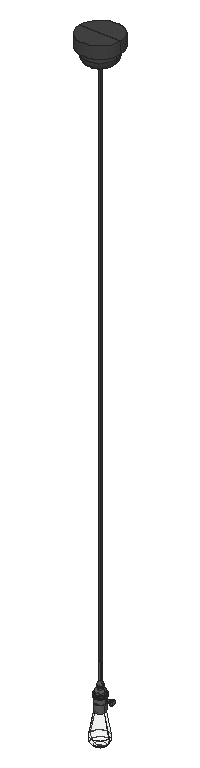
Revit family "SPO-KEY-BP MB", category Lighting Fixtures, Revit 2020
Family settings
  Round Connector Dimension = Use Diameter
  Part Type = Normal
  OmniClass Number = 23.80.70.00
  OmniClass Title = Lighting
  Work Plane-Based = No
  Always vertical = Yes
  Cut with Voids When Loaded = No
  Light Source = Yes
  Shared = No
  Room Calculation Point = No
Parameters (values of type "SPO-KEY-BP")
  Weight = "0.30 lbs"
  Wattage Comments = "60W Max"
  Wattage = 1.6 W
  Warranty = "5 year limited warranty"  # constant formula
  built-in parameter 1150110 = 1 (stored number, unit not read)
  Voltage = 277 V
  URL = "https://www.anplighting.com/assets/Uploads/product-attachments/specification-sheets/ANP-Specification-Sheet-SPO-KEY-BP.pdf"
  built-in parameter 1114217 = 1 (stored number, unit not read)
  Tilt Angle = 90.00°
  built-in parameter 1150109 = 1 (stored number, unit not read)
  built-in parameter 1150134 = 12
  built-in parameter 1150113 = 1 (stored number, unit not read)
  SPO-KEY-BP = yes
  Ring = RING
  Mounting Option [instance] = 1
  Power Factor = 1
  Post Mount [instance] = Mounting Option = 5  # no
  Placement X axis side [instance] = if(Post Mount, 2' 2 15/32", if(Cord or Stem Mount, 0' 0", if(E36 20 inch, 1' 8 1/4", if(E 6 26 inch, 2' 2", if(E7 41 inch, 3' 5 1/4", 0' 1")))))  # 0' - 0"
  Photometric Web File = "generic.ies"
  Model = "SPO-KEY-BP"
  Manufacturer = "ANP Lighting"  # constant formula
  built-in parameter 1150105 = 2000 (stored number, unit not read)
  Lumens = 2000 lm
  built-in parameter 1150115 = 1 (stored number, unit not read)
  Load Classification = Lighting
  Light Source Height [instance] = 0' - 6 205/256"
  built-in parameter 1150137 = (empty or 0)
  built-in parameter 1150139 = (empty or 0)
  Light Elevation _2 [instance] = if(Post Mount, 0' 0.66142", if(E7 41 inch, 0' 0.66142", if(E36 20 inch, 0' 1.65748", if(E 6 26 inch, 0' 1.53543", if(Cord or Stem Mount, (0' 4.3622" + Cord Length), 0' 0")))))  # 6' - 4.3622"
  Light Elevation _1 [instance] = if(Post Mount, 0' 0", if(E7 41 inch, 0' 0", if(E36 20 inch, 0' 1", if(E 6 26 inch, 0' 0.87402", if(Cord or Stem Mount, (0' 3.66142" + Cord Length), 0' 0")))))  # 6' - 3.66142"
  Light Elevation [instance] = if(Post Mount, 14' 0.5315", if(E7 41 inch, 0' 0", 0' 0"))  # 0' - 0"
  built-in parameter 1150112 = 1 (stored number, unit not read)
  built-in parameter 1150114 = 1 (stored number, unit not read)
  Lamp = "MED-BASE"
  built-in parameter 1150132 = 2
  built-in parameter 1150102 = (empty or 0)
  built-in parameter 1150107 = 4000 (stored number, unit not read)
  built-in parameter 1150138 = (empty or 0)
  built-in parameter 1150106 = 20 (stored number, unit not read)
  GLASS = Glass
  Fixture Height = 0' - 3 1/2"
  Fixture Diameter = 0' - 1 1/2"
  built-in parameter 1150104 = 116.13 (stored number, unit not read)
  E7 41 inch [instance] = Mounting Option = 4  # no
  E36 20 inch [instance] = Mounting Option = 3  # no
  E 6 26 inch [instance] = Mounting Option = 2  # no
  Dimming Lamp Color Temperature Shift = <None>
  Description = "120-277 Voltage"  # constant formula
  Default Elevation = 0' - 0"
  Cord or Stem Mount [instance] = Mounting Option = 1  # yes
  Cord Length option [instance] = 0
  Cord Length [instance] = if([2' Cord], 2' 0", if([4' Cord], 4' 0", if([8' Cord], 8' 0", if([10' Cord], 10' 0", if([6' Cord], 6' 0", 6' 0")))))  # 6' - 0"
  Construction Material = "Heavy Duty spun aluminum."  # constant formula
  Color Filter = 16777215
  Body Material = body
  Body Colour = "Spun aluminium"  # constant formula
  built-in parameter 1114218 = 1 (stored number, unit not read)
  built-in parameter 1150133 = 10 (stored number, unit not read)
  Apparent Load = 60 VA
  8' Cord [instance] = Cord Length option = 8  # no
  6' Cord [instance] = Cord Length option = 6  # no
  4' Cord [instance] = Cord Length option = 4  # no
  2' Cord [instance] = Cord Length option = 2  # no
  10' Cord [instance] = Cord Length option = 10  # no
Reference planes (in)
  plane 1 "Light Source Axis (F/B)": y = 0
  plane 2: z = 0
  plane 3 "Light Source Axis (L/R)": x = 0
  plane 4 "Light Source Elevation": z = 0
  plane 5: z = 0
  plane 6: x = 0
  plane 7 "Bulb Position": z = -76.3622
  plane 8 "Canopy Position": z = -75.66142
  plane 9 "IES": z = -83.16299
Dimensions and locks (in)
  "Light Elevation": plane 5 to plane 2
  "Placement X axis side": plane 6 to plane 3 "Light Source Axis (L/R)"
  "Light Elevation _2": plane 5 to plane 7 "Bulb Position"
  "Light Elevation _1": plane 5 to plane 8 "Canopy Position"
  "Light Source Height": plane 7 "Bulb Position" to plane 9 "IES"
  locked: plane 4 "Light Source Elevation" to plane 2
  aligned and locked: level to plane 2
  aligned and locked: plane 1 "Light Source Axis (F/B)" to nested 5
  aligned and locked: nested 5 to plane 2
  aligned and locked: nested 1 to plane 3 "Light Source Axis (L/R)"
  aligned and locked: plane 3 "Light Source Axis (L/R)" to nested 2
  aligned and locked: plane 3 "Light Source Axis (L/R)" to nested 4
  aligned and locked: nested 3 to plane 5
  aligned and locked: plane 3 "Light Source Axis (L/R)" to nested 3
  aligned and locked: plane 3 "Light Source Axis (L/R)" to nested 5
  aligned and locked: plane 1 "Light Source Axis (F/B)" to nested 2
  aligned and locked: plane 1 "Light Source Axis (F/B)" to nested 1
  aligned and locked: plane 1 "Light Source Axis (F/B)" to nested 4
  aligned and locked: plane 1 "Light Source Axis (F/B)" to nested 3
  aligned and locked: plane 2 to nested 1
  aligned and locked: plane 2 to nested 2
  aligned and locked: nested 4 to plane 2
  aligned and locked: imposter light to plane 9 "IES"
  aligned and locked: imposter light to plane 6
  aligned and locked: nested 6 to plane 6
  aligned and locked: nested 6 to plane 8 "Canopy Position"
Nested families (in)
  nested 1: "CORD OR STEM MOUNT" at (0, 0, -75.67), visible <- "Cord or Stem Mount", Cord or Stem Mount <- "Cord or Stem Mount", Body Material <- "Body Material", Light Elevation <- "Light Elevation", Cord Length <- "Cord Length", 10' Cord <- "10' Cord", 2' Cord <- "2' Cord", 4' Cord <- "4' Cord", 6' Cord <- "6' Cord", 8' Cord <- "8' Cord", type "CORD OR STEM MOUNT"
    with Light Elevation 0' - 0", Cord or Stem Mount yes, Cord Length 6' - 0", Body Material body, 8' Cord no, 6' Cord no, 4' Cord no, 2' Cord no, 10' Cord no
  nested 2: "E6 26 INCH" at (0, 0, 0), visible <- "E 6 26 inch", Chain Length <- "Cord Length", E 6 26 inch <- "E 6 26 inch", Placement X axis side <- "Placement X axis side", Body Material <- "Body Material", Light Elevation <- "Light Elevation", type "E6 26 INCH"
    with Placement X axis side 0' - 0", Light Elevation 0' - 0", E 6 26 inch no, Chain Length 6' - 0", Body Material body
  nested 3: "E7 41 INCH" at (0, 0, 0), Chain Length <- "Cord Length", visible <- "E7 41 inch", E7 41 inch <- "E7 41 inch", Placement X axis side <- "Placement X axis side", Body Material <- "Body Material", Light Elevation <- "Light Elevation", type "E7 41 INCH"
    with Placement X axis side 0' - 0", Light Elevation 0' - 0", E7 41 inch no, Chain Length 6' - 0", Body Material body
  nested 4: "E36 20 INCH" at (0, 0, 0), visible <- "E36 20 inch", E36 20 inch <- "E36 20 inch", Placement X axis side <- "Placement X axis side", Chain Length <- "Cord Length", Body Material <- "Body Material", Light Elevation <- "Light Elevation", type "E36 20 INCH"
    with Placement X axis side 0' - 0", Light Elevation 0' - 0", E36 20 inch no, Chain Length 6' - 0", Body Material body
  nested 5: "POST MOUNT" at (0, 0, 0), visible <- "Post Mount", Post Mount <- "Post Mount", Placement X axis side <- "Placement X axis side", Chain Length <- "Cord Length", Body Material <- "Body Material", Light Elevation <- "Light Elevation", type "POST MOUNT"
    with Post Mount no, Placement X axis side 0' - 0", Light Elevation 0' - 0", Chain Length 6' - 0", Body Material body
  nested 6: "SPO-KEY-AB" at (0, 0, -75.66142), Light Elevation <- "Light Elevation", Body <- "Ring", SPO-KEY-AB <- "SPO-KEY-BP", visible <- "SPO-KEY-BP", type "SPO-KEY-AB"
    with Light Elevation 0' - 0", Body RING
Definition of nested family "CORD OR STEM MOUNT"
  Parameters (values of type "CORD OR STEM MOUNT")
    URL = ""
    Model = ""
    Manufacturer = ""
    Light Elevation [instance] = 1' - 7.69"
    Default Elevation = 0' - 0"
    Cord or Stem Mount [instance] = yes
    Cord Length [instance] = 6' - 0"
    Body Material [instance] = none
    8' Cord [instance] = no
    6' Cord [instance] = no
    4' Cord [instance] = no
    2' Cord [instance] = no
    10' Cord [instance] = no
  Reference planes (in)
    plane 1 "Light Source Axis (F/B)": y = 0
    plane 2: z = 0
    plane 3 "Light Source Axis (L/R)": x = 0
    plane 4 "Light Source Elevation": z = 23.125
    plane 5: z = 91.69
    plane 6: z = 19.69
  Forms (in)
    Extrusion 1, void, not visible
      sketch origin (0, 0, 2.38154) x (1, 0, 0) y (0, 0, 1)
        loop
          circle (0, 4.59925) r 0.16583
      from 1.18594 to 1.75
    Extrusion 2, void, not visible
      sketch origin (0, 0, 2.38154) x (0.707107, -0.707107, 0) y (0, 0, 1)
        loop
          circle (0, 4.59925) r 0.16583
      from 1.18594 to 1.75
    Extrusion 3, void, not visible
      sketch origin (0, 0, 2.38154) x (0.707107, 0.707107, 0) y (0, 0, 1)
        loop
          circle (0, 4.59925) r 0.16583
      from 1.18594 to 1.75
    Extrusion 4, void, not visible
      sketch origin (0, 0, 2.38154) x (0, 1, 0) y (0, 0, 1)
        loop
          circle (0, 4.59925) r 0.16583
      from 1.18594 to 1.75
    Extrusion 5, void, not visible
      sketch origin (0, 0, 2.38154) x (-0.707107, 0.707107, 0) y (0, 0, 1)
        loop
          circle (0, 4.59925) r 0.16583
      from 1.18594 to 1.75
    Extrusion 6, void, not visible
      sketch origin (0, 0, 2.38154) x (-1, 0, 0) y (0, 0, 1)
        loop
          circle (0, 4.59925) r 0.20678
      from 1.18594 to 1.75
    Extrusion 7, void, not visible
      sketch origin (0, 0, 2.38154) x (-0.707107, -0.707107, 0) y (0, 0, 1)
        loop
          circle (0, 4.59925) r 0.16583
      from 1.18594 to 1.75
    Extrusion 8, void, not visible
      sketch origin (0, 0, 2.38154) x (0, -1, 0) y (0, 0, 1)
        loop
          circle (0, 4.59925) r 0.16583
      from 1.18594 to 1.75
    Revolve 9, solid, material <- "Body Material", visible <- "Cord or Stem Mount"
      sketch origin (0, 0, 174.56698) x (1, 0, 0) y (0, 0, 1)
        loop
          line (2.6875, -79.20698) -> (0, -79.20698) -> (0, -82.87698) -> (0.125, -82.87698) -> (0.125, -82.83698) -> (0.75, -82.83698)
          arc (0.75, -82.83698) -> (0.81694, -82.77004) -> (0.75, -82.7031) r 0.06694
          line (0.75, -82.7031) -> (0.89763, -82.7031) -> (1.00223, -82.5985) -> (1.06587, -82.5985)
          arc (1.06587, -82.5985) -> (1.80099, -82.29401) -> (2.10549, -81.55888) r 1.03962
          line (2.10549, -81.55888) -> (2.10549, -81.03899)
          arc (2.10549, -81.03899) -> (2.12951, -80.981) -> (2.1875, -80.95698) r 0.08201
          line (2.1875, -80.95698) -> (2.1875, -80.70698) -> (2.6875, -80.70698) -> (2.6875, -79.20698)
        axis (0, -79.20698) -> (0, -82.87698)
      angle from 0 to 360
    Revolve 10, solid, material <- "Body Material", visible <- "Cord or Stem Mount"
      sketch origin (0, 0, 0) x (1, 0, 0) y (0, 0, 1)
        loop
          line (0, 91.69) -> (-0.125, 91.69) -> (-0.125, 19.69) -> (0, 19.69) -> (0, 91.69)
        axis (0, 19.69) -> (0, 91.69)
      angle from 0 to 360
  Dimensions and locks (in)
    "Light Elevation": plane 6 to plane 2
    "Cord Length": plane 5 to plane 6
    locked: Revolve 10 sketch curve to Revolve 10 sketch curve at 0.125
    aligned and locked: level to plane 2
    aligned and locked: Revolve 10 sketch curve to plane 3 "Light Source Axis (L/R)"
    aligned and locked: Revolve 10 sketch curve to plane 6
    aligned and locked: Revolve 10 sketch curve to plane 5
    aligned and locked: plane 3 "Light Source Axis (L/R)" to Revolve 10 sketch curve
  Automatic sketch dimensions
    Revolve 9 sketch curve to plane 3 "Light Source Axis (L/R)" = 0' - 0"  (x2)
    Revolve 9 sketch curve to plane 5 = 0' - 0"
    plane 3 "Light Source Axis (L/R)" to Revolve 9 sketch curve = 0' - 0 1/8"
    Revolve 9 sketch curve to plane 5 = 0' - 0.17388"
    Revolve 9 sketch curve to Revolve 9 sketch curve = 0' - 0 5/8"
    Revolve 9 sketch curve to Revolve 9 sketch curve = 0' - 0.14763"
    Revolve 9 sketch curve to plane 5 = 0' - 0.27847"
    Revolve 9 sketch curve to Revolve 9 sketch curve = 0' - 0.1046"
    Revolve 9 sketch curve to Revolve 9 sketch curve = 0' - 0.06364"
    Revolve 9 sketch curve to Revolve 9 sketch curve = 0' - 1.03962"
    Revolve 9 sketch curve to Revolve 9 sketch curve = 0' - 0 21/256"
    Revolve 9 sketch curve to Revolve 9 sketch curve = 0' - 0 1/2"  (x2)
    Revolve 9 sketch curve to Revolve 9 sketch curve = 0' - 0.51989"
    Revolve 9 sketch curve to Revolve 9 sketch curve = 0' - 0 1/4"
    Revolve 9 sketch curve to Revolve 9 sketch curve = 0' - 2.3519"
    Revolve 9 sketch curve to Revolve 9 sketch curve = 0' - 1 1/4"
    Revolve 9 sketch curve to Revolve 9 sketch curve = 0' - 0.04"
    Revolve 10 sketch curve to Revolve 10 sketch curve = 0' - 0 1/2"
    Revolve 10 sketch curve to Revolve 10 sketch curve = 0' - 0.42345"
Definition of nested family "SPO-KEY-AB"
  Parameters (values of type "SPO-KEY-AB")
    SPO-KEY-AB [instance] = yes
    Light Elevation [instance] = 0' - 0"
    GLASS = none
    Default Elevation = 0' - 0"
    Body [instance] = none
  Reference planes (in)
    plane 1 "Center (Front/Back)": y = 0
    plane 2: z = 0
    plane 3 "Center (Left/Right)": x = 0
    plane 4: z = 0
  Dimensions and locks (in)
    "Light Elevation": plane 4 to plane 2
    locked: plane 4 to nested 2 at 3.5
    aligned and locked: plane 2 to level
    aligned and locked: plane 3 "Center (Left/Right)" to nested 1
    aligned and locked: plane 1 "Center (Front/Back)" to nested 1
    aligned and locked: plane 4 to nested 1
  Nested families (in)
    nested 1: "SPO-KEY-AB HOLDER" at (0, 0, -3.5), visible <- "SPO-KEY-AB", Body <- "Body", SPO-KEY-AB <- "SPO-KEY-AB", type "SPO-KEY-AB HOLDER"
    nested 2: "light" at (0, 0, -3.5), visible <- "SPO-KEY-AB", SPB <- "SPO-KEY-AB", Body <- "GLASS", type "light"
      with SPB yes, Body none
  Definition of nested family "SPO-KEY-AB HOLDER"
    Parameters (values of type "SPO-KEY-AB HOLDER")
      SPO-KEY-AB [instance] = yes
      Default Elevation = 0' - 0"
      Body [instance] = none
    Reference planes (in)
      plane 1 "Center (Front/Back)": y = 0
      plane 2: z = 0
      plane 3 "Center (Left/Right)": x = 0
      plane 4: z = 3.5
      plane 5: x = 0.75
      plane 6: x = -0.75
    Forms (in)
      Extrusion 1, solid, material <- "Body", visible <- "SPO-KEY-AB"
        sketch origin (0, 0, 0) x (1, 0, 0) y (0, 1, 0)
          loop
            circle (0, 0) r 0.1524
        from 3.5 to 5.76727
      Revolve 2, solid, material <- "Body", visible <- "SPO-KEY-AB"
        sketch origin (0, 0, 0) x (1, 0, 0) y (0, 0, 1)
          loop
            line (-0.18061, 3.5) -> (-0.32164, 2.93434) -> (-0.32164, 2.74115) -> (-0.25926, 2.74115) -> (-0.25926, 2.49115) -> (-0.31433, 2.42552)
            arc (-0.31433, 2.42552) -> (-0.49114, 2.37605) -> (-0.56812, 2.20938) r 0.21893
            line (-0.56812, 2.20938) -> (-0.56812, 2.00272) -> (-0.75, 2.00272) -> (-0.75, 1.61565) -> (-0.68925, 1.61565) -> (-0.68925, 0.93656) -> (-0.62575, 0.87307) -> (-0.62575, 0) -> (0, 0) -> (0, 3.5) -> (-0.18061, 3.5)
          axis (0, 0) -> (0, 3.5)
        angle from 0 to 360
      Revolve 3, solid, material <- "Body", visible <- "SPO-KEY-AB"
        sketch origin (0, 0, 0) x (1, 0, 0) y (0, 0, 1)
          loop
            line (0.68856, 1.41798) -> (0.68856, 1.37371) -> (1.6389, 1.37371) -> (1.6389, 1.68796) -> (1.50148, 1.68796)
            arc (1.50148, 1.68796) -> (1.35915, 1.49979) -> (1.13142, 1.43813) r 0.36469
            line (1.13142, 1.43813) -> (1.13142, 1.47522)
            arc (1.13142, 1.47522) -> (1.09261, 1.49665) -> (1.06433, 1.4625) r 0.03475
            arc (1.06433, 1.4625) -> (0.99951, 1.47299) -> (0.94815, 1.5139) r 0.12959
            line (0.94815, 1.5139) -> (0.81784, 1.5139) -> (0.81784, 1.41798) -> (0.68856, 1.41798)
          axis (0.68856, 1.37371) -> (1.6389, 1.37371)
        angle from 0 to 360
      Extrusion 4, solid, material <- "Body", visible <- "SPO-KEY-AB"
        sketch origin (0.01979, 0.02398, 0) x (1, 0, 0) y (0, 1, 0)
          loop
            line (0.44965, 0.52237) -> (0.48225, 0.49432) -> (0.51145, 0.52351) -> (0.47877, 0.55619) -> (0.44965, 0.52237)
        from 1.87225 to 1.98153
      Extrusion 5, solid, material <- "Body", visible <- "SPO-KEY-AB"
        sketch origin (0.02205, 0.02193, 0) x (0.995192, -0.097945, 0) y (0.097945, 0.995192, 0)
          loop
            line (0.44965, 0.52237) -> (0.48225, 0.49432) -> (0.51145, 0.52351) -> (0.47877, 0.55619) -> (0.44965, 0.52237)
        from 1.87225 to 1.98153
      Extrusion 6, solid, material <- "Body", visible <- "SPO-KEY-AB"
        sketch origin (0.02409, 0.01967, 0) x (0.980813, -0.194949, 0) y (0.194949, 0.980813, 0)
          loop
            line (0.44965, 0.52237) -> (0.48225, 0.49432) -> (0.51145, 0.52351) -> (0.47877, 0.55619) -> (0.44965, 0.52237)
        from 1.87225 to 1.98153
      Extrusion 7, solid, material <- "Body", visible <- "SPO-KEY-AB"
        sketch origin (0.0259, 0.01721, 0) x (0.957003, -0.290078, 0) y (0.290078, 0.957003, 0)
          loop
            line (0.44965, 0.52237) -> (0.48225, 0.49432) -> (0.51145, 0.52351) -> (0.47877, 0.55619) -> (0.44965, 0.52237)
        from 1.87225 to 1.98153
      Extrusion 8, solid, material <- "Body", visible <- "SPO-KEY-AB"
        sketch origin (0.02746, 0.01459, 0) x (0.92399, -0.382417, 0) y (0.382417, 0.92399, 0)
          loop
            line (0.44965, 0.52237) -> (0.48225, 0.49432) -> (0.51145, 0.52351) -> (0.47877, 0.55619) -> (0.44965, 0.52237)
        from 1.87225 to 1.98153
      Extrusion 9, solid, material <- "Body", visible <- "SPO-KEY-AB"
        sketch origin (0.02876, 0.01183, 0) x (0.882091, -0.471078, 0) y (0.471078, 0.882091, 0)
          loop
            line (0.44965, 0.52237) -> (0.48225, 0.49432) -> (0.51145, 0.52351) -> (0.47877, 0.55619) -> (0.44965, 0.52237)
        from 1.87225 to 1.98153
      Extrusion 10, solid, material <- "Body", visible <- "SPO-KEY-AB"
        sketch origin (0.02978, 0.00896, 0) x (0.83171, -0.55521, 0) y (0.55521, 0.83171, 0)
          loop
            line (0.44965, 0.52237) -> (0.48225, 0.49432) -> (0.51145, 0.52351) -> (0.47877, 0.55619) -> (0.44965, 0.52237)
        from 1.87225 to 1.98153
      Extrusion 11, solid, material <- "Body", visible <- "SPO-KEY-AB"
        sketch origin (0.03051, 0.006, 0) x (0.773331, -0.634003, 0) y (0.634003, 0.773331, 0)
          loop
            line (0.44965, 0.52237) -> (0.48225, 0.49432) -> (0.51145, 0.52351) -> (0.47877, 0.55619) -> (0.44965, 0.52237)
        from 1.87225 to 1.98153
      Extrusion 12, solid, material <- "Body", visible <- "SPO-KEY-AB"
        sketch origin (0.03095, 0.00298, 0) x (0.707515, -0.706698, 0) y (0.706698, 0.707515, 0)
          loop
            line (0.44965, 0.52237) -> (0.48225, 0.49432) -> (0.51145, 0.52351) -> (0.47877, 0.55619) -> (0.44965, 0.52237)
        from 1.87225 to 1.98153
      Extrusion 13, solid, material <- "Body", visible <- "SPO-KEY-AB"
        sketch origin (0.0311, -0.00007, 0) x (0.634895, -0.772598, 0) y (0.772598, 0.634895, 0)
          loop
            line (0.44965, 0.52237) -> (0.48225, 0.49432) -> (0.51145, 0.52351) -> (0.47877, 0.55619) -> (0.44965, 0.52237)
        from 1.87225 to 1.98153
      Extrusion 14, solid, material <- "Body", visible <- "SPO-KEY-AB"
        sketch origin (0.03094, -0.00311, 0) x (0.55617, -0.831068, 0) y (0.831068, 0.55617, 0)
          loop
            line (0.44965, 0.52237) -> (0.48225, 0.49432) -> (0.51145, 0.52351) -> (0.47877, 0.55619) -> (0.44965, 0.52237)
        from 1.87225 to 1.98153
      Extrusion 15, solid, material <- "Body", visible <- "SPO-KEY-AB"
        sketch origin (0.03049, -0.00613, 0) x (0.472097, -0.881547, 0) y (0.881547, 0.472097, 0)
          loop
            line (0.44965, 0.52237) -> (0.48225, 0.49432) -> (0.51145, 0.52351) -> (0.47877, 0.55619) -> (0.44965, 0.52237)
        from 1.87225 to 1.98153
      Extrusion 16, solid, material <- "Body", visible <- "SPO-KEY-AB"
        sketch origin (0.02974, -0.00908, 0) x (0.383483, -0.923548, 0) y (0.923548, 0.383483, 0)
          loop
            line (0.44965, 0.52237) -> (0.48225, 0.49432) -> (0.51145, 0.52351) -> (0.47877, 0.55619) -> (0.44965, 0.52237)
        from 1.87225 to 1.98153
      Extrusion 17, solid, material <- "Body", visible <- "SPO-KEY-AB"
        sketch origin (0.02871, -0.01195, 0) x (0.291182, -0.956668, 0) y (0.956668, 0.291182, 0)
          loop
            line (0.44965, 0.52237) -> (0.48225, 0.49432) -> (0.51145, 0.52351) -> (0.47877, 0.55619) -> (0.44965, 0.52237)
        from 1.87225 to 1.98153
      Extrusion 18, solid, material <- "Body", visible <- "SPO-KEY-AB"
        sketch origin (0.0274, -0.01471, 0) x (0.196081, -0.980588, 0) y (0.980588, 0.196081, 0)
          loop
            line (0.44965, 0.52237) -> (0.48225, 0.49432) -> (0.51145, 0.52351) -> (0.47877, 0.55619) -> (0.44965, 0.52237)
        from 1.87225 to 1.98153
      Extrusion 19, solid, material <- "Body", visible <- "SPO-KEY-AB"
        sketch origin (0.02583, -0.01732, 0) x (0.099094, -0.995078, 0) y (0.995078, 0.099094, 0)
          loop
            line (0.44965, 0.52237) -> (0.48225, 0.49432) -> (0.51145, 0.52351) -> (0.47877, 0.55619) -> (0.44965, 0.52237)
        from 1.87225 to 1.98153
      Extrusion 20, solid, material <- "Body", visible <- "SPO-KEY-AB"
        sketch origin (0.02401, -0.01977, 0) x (0.001155, -0.999999, 0) y (0.999999, 0.001155, 0)
          loop
            line (0.44965, 0.52237) -> (0.48225, 0.49432) -> (0.51145, 0.52351) -> (0.47877, 0.55619) -> (0.44965, 0.52237)
        from 1.87225 to 1.98153
      Extrusion 21, solid, material <- "Body", visible <- "SPO-KEY-AB"
        sketch origin (0.02196, -0.02202, 0) x (-0.096796, -0.995304, 0) y (0.995304, -0.096796, 0)
          loop
            line (0.44965, 0.52237) -> (0.48225, 0.49432) -> (0.51145, 0.52351) -> (0.47877, 0.55619) -> (0.44965, 0.52237)
        from 1.87225 to 1.98153
      Extrusion 22, solid, material <- "Body", visible <- "SPO-KEY-AB"
        sketch origin (0.01969, -0.02407, 0) x (-0.193816, -0.981038, 0) y (0.981038, -0.193816, 0)
          loop
            line (0.44965, 0.52237) -> (0.48225, 0.49432) -> (0.51145, 0.52351) -> (0.47877, 0.55619) -> (0.44965, 0.52237)
        from 1.87225 to 1.98153
      Extrusion 23, solid, material <- "Body", visible <- "SPO-KEY-AB"
        sketch origin (0.01724, -0.02588, 0) x (-0.288972, -0.957337, 0) y (0.957337, -0.288972, 0)
          loop
            line (0.44965, 0.52237) -> (0.48225, 0.49432) -> (0.51145, 0.52351) -> (0.47877, 0.55619) -> (0.44965, 0.52237)
        from 1.87225 to 1.98153
      Extrusion 24, solid, material <- "Body", visible <- "SPO-KEY-AB"
        sketch origin (0.01462, -0.02744, 0) x (-0.38135, -0.924431, 0) y (0.924431, -0.38135, 0)
          loop
            line (0.44965, 0.52237) -> (0.48225, 0.49432) -> (0.51145, 0.52351) -> (0.47877, 0.55619) -> (0.44965, 0.52237)
        from 1.87225 to 1.98153
      Extrusion 25, solid, material <- "Body", visible <- "SPO-KEY-AB"
        sketch origin (0.01186, -0.02874, 0) x (-0.47006, -0.882635, 0) y (0.882635, -0.47006, 0)
          loop
            line (0.44965, 0.52237) -> (0.48225, 0.49432) -> (0.51145, 0.52351) -> (0.47877, 0.55619) -> (0.44965, 0.52237)
        from 1.87225 to 1.98153
      Extrusion 26, solid, material <- "Body", visible <- "SPO-KEY-AB"
        sketch origin (0.00899, -0.02977, 0) x (-0.554249, -0.832351, 0) y (0.832351, -0.554249, 0)
          loop
            line (0.44965, 0.52237) -> (0.48225, 0.49432) -> (0.51145, 0.52351) -> (0.47877, 0.55619) -> (0.44965, 0.52237)
        from 1.87225 to 1.98153
      Extrusion 27, solid, material <- "Body", visible <- "SPO-KEY-AB"
        sketch origin (0.00603, -0.03051, 0) x (-0.633109, -0.774062, 0) y (0.774062, -0.633109, 0)
          loop
            line (0.44965, 0.52237) -> (0.48225, 0.49432) -> (0.51145, 0.52351) -> (0.47877, 0.55619) -> (0.44965, 0.52237)
        from 1.87225 to 1.98153
      Extrusion 28, solid, material <- "Body", visible <- "SPO-KEY-AB"
        sketch origin (0.00302, -0.03095, 0) x (-0.705881, -0.70833, 0) y (0.70833, -0.705881, 0)
          loop
            line (0.44965, 0.52237) -> (0.48225, 0.49432) -> (0.51145, 0.52351) -> (0.47877, 0.55619) -> (0.44965, 0.52237)
        from 1.87225 to 1.98153
      Extrusion 29, solid, material <- "Body", visible <- "SPO-KEY-AB"
        sketch origin (-0.00003, -0.0311, 0) x (-0.771865, -0.635787, 0) y (0.635787, -0.771865, 0)
          loop
            line (0.44965, 0.52237) -> (0.48225, 0.49432) -> (0.51145, 0.52351) -> (0.47877, 0.55619) -> (0.44965, 0.52237)
        from 1.87225 to 1.98153
      Extrusion 30, solid, material <- "Body", visible <- "SPO-KEY-AB"
        sketch origin (-0.00308, -0.03094, 0) x (-0.830426, -0.557129, 0) y (0.557129, -0.830426, 0)
          loop
            line (0.44965, 0.52237) -> (0.48225, 0.49432) -> (0.51145, 0.52351) -> (0.47877, 0.55619) -> (0.44965, 0.52237)
        from 1.87225 to 1.98153
      Extrusion 31, solid, material <- "Body", visible <- "SPO-KEY-AB"
        sketch origin (-0.00609, -0.03049, 0) x (-0.881001, -0.473114, 0) y (0.473114, -0.881001, 0)
          loop
            line (0.44965, 0.52237) -> (0.48225, 0.49432) -> (0.51145, 0.52351) -> (0.47877, 0.55619) -> (0.44965, 0.52237)
        from 1.87225 to 1.98153
      Extrusion 32, solid, material <- "Body", visible <- "SPO-KEY-AB"
        sketch origin (-0.00905, -0.02975, 0) x (-0.923104, -0.384549, 0) y (0.384549, -0.923104, 0)
          loop
            line (0.44965, 0.52237) -> (0.48225, 0.49432) -> (0.51145, 0.52351) -> (0.47877, 0.55619) -> (0.44965, 0.52237)
        from 1.87225 to 1.98153
      Extrusion 33, solid, material <- "Body", visible <- "SPO-KEY-AB"
        sketch origin (-0.01192, -0.02872, 0) x (-0.956331, -0.292287, 0) y (0.292287, -0.956331, 0)
          loop
            line (0.44965, 0.52237) -> (0.48225, 0.49432) -> (0.51145, 0.52351) -> (0.47877, 0.55619) -> (0.44965, 0.52237)
        from 1.87225 to 1.98153
      Extrusion 34, solid, material <- "Body", visible <- "SPO-KEY-AB"
        sketch origin (-0.01468, -0.02742, 0) x (-0.980361, -0.197213, 0) y (0.197213, -0.980361, 0)
          loop
            line (0.44965, 0.52237) -> (0.48225, 0.49432) -> (0.51145, 0.52351) -> (0.47877, 0.55619) -> (0.44965, 0.52237)
        from 1.87225 to 1.98153
      Extrusion 35, solid, material <- "Body", visible <- "SPO-KEY-AB"
        sketch origin (-0.01729, -0.02585, 0) x (-0.994963, -0.100243, 0) y (0.100243, -0.994963, 0)
          loop
            line (0.44965, 0.52237) -> (0.48225, 0.49432) -> (0.51145, 0.52351) -> (0.47877, 0.55619) -> (0.44965, 0.52237)
        from 1.87225 to 1.98153
      Extrusion 36, solid, material <- "Body", visible <- "SPO-KEY-AB"
        sketch origin (-0.01974, -0.02403, 0) x (-0.999997, -0.002309, 0) y (0.002309, -0.999997, 0)
          loop
            line (0.44965, 0.52237) -> (0.48225, 0.49432) -> (0.51145, 0.52351) -> (0.47877, 0.55619) -> (0.44965, 0.52237)
        from 1.87225 to 1.98153
      Extrusion 37, solid, material <- "Body", visible <- "SPO-KEY-AB"
        sketch origin (-0.022, -0.02198, 0) x (-0.995415, 0.095647, 0) y (-0.095647, -0.995415, 0)
          loop
            line (0.44965, 0.52237) -> (0.48225, 0.49432) -> (0.51145, 0.52351) -> (0.47877, 0.55619) -> (0.44965, 0.52237)
        from 1.87225 to 1.98153
      Extrusion 38, solid, material <- "Body", visible <- "SPO-KEY-AB"
        sketch origin (-0.02404, -0.01972, 0) x (-0.981261, 0.192683, 0) y (-0.192683, -0.981261, 0)
          loop
            line (0.44965, 0.52237) -> (0.48225, 0.49432) -> (0.51145, 0.52351) -> (0.47877, 0.55619) -> (0.44965, 0.52237)
        from 1.87225 to 1.98153
      Extrusion 39, solid, material <- "Body", visible <- "SPO-KEY-AB"
        sketch origin (-0.02586, -0.01727, 0) x (-0.95767, 0.287867, 0) y (-0.287867, -0.95767, 0)
          loop
            line (0.44965, 0.52237) -> (0.48225, 0.49432) -> (0.51145, 0.52351) -> (0.47877, 0.55619) -> (0.44965, 0.52237)
        from 1.87225 to 1.98153
      Extrusion 40, solid, material <- "Body", visible <- "SPO-KEY-AB"
        sketch origin (-0.02743, -0.01465, 0) x (-0.924871, 0.380282, 0) y (-0.380282, -0.924871, 0)
          loop
            line (0.44965, 0.52237) -> (0.48225, 0.49432) -> (0.51145, 0.52351) -> (0.47877, 0.55619) -> (0.44965, 0.52237)
        from 1.87225 to 1.98153
      Extrusion 41, solid, material <- "Body", visible <- "SPO-KEY-AB"
        sketch origin (-0.02873, -0.0119, 0) x (-0.883177, 0.46904, 0) y (-0.46904, -0.883177, 0)
          loop
            line (0.44965, 0.52237) -> (0.48225, 0.49432) -> (0.51145, 0.52351) -> (0.47877, 0.55619) -> (0.44965, 0.52237)
        from 1.87225 to 1.98153
      Extrusion 42, solid, material <- "Body", visible <- "SPO-KEY-AB"
        sketch origin (-0.02976, -0.00903, 0) x (-0.83299, 0.553288, 0) y (-0.553288, -0.83299, 0)
          loop
            line (0.44965, 0.52237) -> (0.48225, 0.49432) -> (0.51145, 0.52351) -> (0.47877, 0.55619) -> (0.44965, 0.52237)
        from 1.87225 to 1.98153
      Extrusion 43, solid, material <- "Body", visible <- "SPO-KEY-AB"
        sketch origin (-0.0305, -0.00607, 0) x (-0.774793, 0.632215, 0) y (-0.632215, -0.774793, 0)
          loop
            line (0.44965, 0.52237) -> (0.48225, 0.49432) -> (0.51145, 0.52351) -> (0.47877, 0.55619) -> (0.44965, 0.52237)
        from 1.87225 to 1.98153
      Extrusion 44, solid, material <- "Body", visible <- "SPO-KEY-AB"
        sketch origin (-0.03095, -0.00305, 0) x (-0.709145, 0.705063, 0) y (-0.705063, -0.709145, 0)
          loop
            line (0.44965, 0.52237) -> (0.48225, 0.49432) -> (0.51145, 0.52351) -> (0.47877, 0.55619) -> (0.44965, 0.52237)
        from 1.87225 to 1.98153
      Extrusion 45, solid, material <- "Body", visible <- "SPO-KEY-AB"
        sketch origin (-0.0311, -0.00001, 0) x (-0.636678, 0.77113, 0) y (-0.77113, -0.636678, 0)
          loop
            line (0.44965, 0.52237) -> (0.48225, 0.49432) -> (0.51145, 0.52351) -> (0.47877, 0.55619) -> (0.44965, 0.52237)
        from 1.87225 to 1.98153
      Extrusion 46, solid, material <- "Body", visible <- "SPO-KEY-AB"
        sketch origin (-0.03095, 0.00304, 0) x (-0.558088, 0.829782, 0) y (-0.829782, -0.558088, 0)
          loop
            line (0.44965, 0.52237) -> (0.48225, 0.49432) -> (0.51145, 0.52351) -> (0.47877, 0.55619) -> (0.44965, 0.52237)
        from 1.87225 to 1.98153
      Extrusion 47, solid, material <- "Body", visible <- "SPO-KEY-AB"
        sketch origin (-0.0305, 0.00606, 0) x (-0.474131, 0.880454, 0) y (-0.880454, -0.474131, 0)
          loop
            line (0.44965, 0.52237) -> (0.48225, 0.49432) -> (0.51145, 0.52351) -> (0.47877, 0.55619) -> (0.44965, 0.52237)
        from 1.87225 to 1.98153
      Extrusion 48, solid, material <- "Body", visible <- "SPO-KEY-AB"
        sketch origin (-0.02976, 0.00901, 0) x (-0.385615, 0.92266, 0) y (-0.92266, -0.385615, 0)
          loop
            line (0.44965, 0.52237) -> (0.48225, 0.49432) -> (0.51145, 0.52351) -> (0.47877, 0.55619) -> (0.44965, 0.52237)
        from 1.87225 to 1.98153
      Extrusion 49, solid, material <- "Body", visible <- "SPO-KEY-AB"
        sketch origin (-0.02874, 0.01189, 0) x (-0.293391, 0.955993, 0) y (-0.955993, -0.293391, 0)
          loop
            line (0.44965, 0.52237) -> (0.48225, 0.49432) -> (0.51145, 0.52351) -> (0.47877, 0.55619) -> (0.44965, 0.52237)
        from 1.87225 to 1.98153
      Extrusion 50, solid, material <- "Body", visible <- "SPO-KEY-AB"
        sketch origin (-0.02743, 0.01464, 0) x (-0.198345, 0.980132, 0) y (-0.980132, -0.198345, 0)
          loop
            line (0.44965, 0.52237) -> (0.48225, 0.49432) -> (0.51145, 0.52351) -> (0.47877, 0.55619) -> (0.44965, 0.52237)
        from 1.87225 to 1.98153
      Extrusion 51, solid, material <- "Body", visible <- "SPO-KEY-AB"
        sketch origin (-0.02587, 0.01726, 0) x (-0.101392, 0.994847, 0) y (-0.994847, -0.101392, 0)
          loop
            line (0.44965, 0.52237) -> (0.48225, 0.49432) -> (0.51145, 0.52351) -> (0.47877, 0.55619) -> (0.44965, 0.52237)
        from 1.87225 to 1.98153
      Extrusion 52, solid, material <- "Body", visible <- "SPO-KEY-AB"
        sketch origin (-0.02405, 0.01971, 0) x (-0.003464, 0.999994, 0) y (-0.999994, -0.003464, 0)
          loop
            line (0.44965, 0.52237) -> (0.48225, 0.49432) -> (0.51145, 0.52351) -> (0.47877, 0.55619) -> (0.44965, 0.52237)
        from 1.87225 to 1.98153
      Extrusion 53, solid, material <- "Body", visible <- "SPO-KEY-AB"
        sketch origin (-0.02201, 0.02197, 0) x (0.094498, 0.995525, 0) y (-0.995525, 0.094498, 0)
          loop
            line (0.44965, 0.52237) -> (0.48225, 0.49432) -> (0.51145, 0.52351) -> (0.47877, 0.55619) -> (0.44965, 0.52237)
        from 1.87225 to 1.98153
      Extrusion 54, solid, material <- "Body", visible <- "SPO-KEY-AB"
        sketch origin (-0.01975, 0.02402, 0) x (0.19155, 0.981483, 0) y (-0.981483, 0.19155, 0)
          loop
            line (0.44965, 0.52237) -> (0.48225, 0.49432) -> (0.51145, 0.52351) -> (0.47877, 0.55619) -> (0.44965, 0.52237)
        from 1.87225 to 1.98153
      Extrusion 55, solid, material <- "Body", visible <- "SPO-KEY-AB"
        sketch origin (-0.0173, 0.02584, 0) x (0.286761, 0.958002, 0) y (-0.958002, 0.286761, 0)
          loop
            line (0.44965, 0.52237) -> (0.48225, 0.49432) -> (0.51145, 0.52351) -> (0.47877, 0.55619) -> (0.44965, 0.52237)
        from 1.87225 to 1.98153
      Extrusion 56, solid, material <- "Body", visible <- "SPO-KEY-AB"
        sketch origin (-0.01469, 0.02741, 0) x (0.379214, 0.925309, 0) y (-0.925309, 0.379214, 0)
          loop
            line (0.44965, 0.52237) -> (0.48225, 0.49432) -> (0.51145, 0.52351) -> (0.47877, 0.55619) -> (0.44965, 0.52237)
        from 1.87225 to 1.98153
      Extrusion 57, solid, material <- "Body", visible <- "SPO-KEY-AB"
        sketch origin (-0.01193, 0.02872, 0) x (0.46802, 0.883718, 0) y (-0.883718, 0.46802, 0)
          loop
            line (0.44965, 0.52237) -> (0.48225, 0.49432) -> (0.51145, 0.52351) -> (0.47877, 0.55619) -> (0.44965, 0.52237)
        from 1.87225 to 1.98153
      Extrusion 58, solid, material <- "Body", visible <- "SPO-KEY-AB"
        sketch origin (-0.00906, 0.02975, 0) x (0.552326, 0.833628, 0) y (-0.833628, 0.552326, 0)
          loop
            line (0.44965, 0.52237) -> (0.48225, 0.49432) -> (0.51145, 0.52351) -> (0.47877, 0.55619) -> (0.44965, 0.52237)
        from 1.87225 to 1.98153
      Extrusion 59, solid, material <- "Body", visible <- "SPO-KEY-AB"
        sketch origin (-0.0061, 0.03049, 0) x (0.63132, 0.775522, 0) y (-0.775522, 0.63132, 0)
          loop
            line (0.44965, 0.52237) -> (0.48225, 0.49432) -> (0.51145, 0.52351) -> (0.47877, 0.55619) -> (0.44965, 0.52237)
        from 1.87225 to 1.98153
      Extrusion 60, solid, material <- "Body", visible <- "SPO-KEY-AB"
        sketch origin (-0.00309, 0.03094, 0) x (0.704243, 0.709959, 0) y (-0.709959, 0.704243, 0)
          loop
            line (0.44965, 0.52237) -> (0.48225, 0.49432) -> (0.51145, 0.52351) -> (0.47877, 0.55619) -> (0.44965, 0.52237)
        from 1.87225 to 1.98153
      Extrusion 61, solid, material <- "Body", visible <- "SPO-KEY-AB"
        sketch origin (-0.00004, 0.0311, 0) x (0.770394, 0.637568, 0) y (-0.637568, 0.770394, 0)
          loop
            line (0.44965, 0.52237) -> (0.48225, 0.49432) -> (0.51145, 0.52351) -> (0.47877, 0.55619) -> (0.44965, 0.52237)
        from 1.87225 to 1.98153
      Extrusion 62, solid, material <- "Body", visible <- "SPO-KEY-AB"
        sketch origin (0.003, 0.03095, 0) x (0.829137, 0.559045, 0) y (-0.559045, 0.829137, 0)
          loop
            line (0.44965, 0.52237) -> (0.48225, 0.49432) -> (0.51145, 0.52351) -> (0.47877, 0.55619) -> (0.44965, 0.52237)
        from 1.87225 to 1.98153
      Extrusion 63, solid, material <- "Body", visible <- "SPO-KEY-AB"
        sketch origin (0.00602, 0.03051, 0) x (0.879906, 0.475147, 0) y (-0.475147, 0.879906, 0)
          loop
            line (0.44965, 0.52237) -> (0.48225, 0.49432) -> (0.51145, 0.52351) -> (0.47877, 0.55619) -> (0.44965, 0.52237)
        from 1.87225 to 1.98153
      Extrusion 64, solid, material <- "Body", visible <- "SPO-KEY-AB"
        sketch origin (0.00898, 0.02977, 0) x (0.922214, 0.38668, 0) y (-0.38668, 0.922214, 0)
          loop
            line (0.44965, 0.52237) -> (0.48225, 0.49432) -> (0.51145, 0.52351) -> (0.47877, 0.55619) -> (0.44965, 0.52237)
        from 1.87225 to 1.98153
      Extrusion 65, solid, material <- "Body", visible <- "SPO-KEY-AB"
        sketch origin (0.01185, 0.02875, 0) x (0.955653, 0.294494, 0) y (-0.294494, 0.955653, 0)
          loop
            line (0.44965, 0.52237) -> (0.48225, 0.49432) -> (0.51145, 0.52351) -> (0.47877, 0.55619) -> (0.44965, 0.52237)
        from 1.87225 to 1.98153
      Extrusion 66, solid, material <- "Body", visible <- "SPO-KEY-AB"
        sketch origin (0.01461, 0.02745, 0) x (0.979903, 0.199477, 0) y (-0.199477, 0.979903, 0)
          loop
            line (0.44965, 0.52237) -> (0.48225, 0.49432) -> (0.51145, 0.52351) -> (0.47877, 0.55619) -> (0.44965, 0.52237)
        from 1.87225 to 1.98153
      Extrusion 67, solid, material <- "Body", visible <- "SPO-KEY-AB"
        sketch origin (0.01723, 0.02589, 0) x (0.994729, 0.102541, 0) y (-0.102541, 0.994729, 0)
          loop
            line (0.44965, 0.52237) -> (0.48225, 0.49432) -> (0.51145, 0.52351) -> (0.47877, 0.55619) -> (0.44965, 0.52237)
        from 1.87225 to 1.98153
      Extrusion 68, solid, material <- "Body", visible <- "SPO-KEY-AB"
        sketch origin (0.01968, 0.02408, 0) x (0.999989, 0.004618, 0) y (-0.004618, 0.999989, 0)
          loop
            line (0.44965, 0.52237) -> (0.48225, 0.49432) -> (0.51145, 0.52351) -> (0.47877, 0.55619) -> (0.44965, 0.52237)
        from 1.87225 to 1.98153
      Extrusion 69, solid, material <- "Body", visible <- "SPO-KEY-AB"
        sketch origin (0.01979, 0.02398, -0.22468) x (1, 0, 0) y (0, 1, 0)
          loop
            line (0.44965, 0.52237) -> (0.48225, 0.49432) -> (0.51145, 0.52351) -> (0.47877, 0.55619) -> (0.44965, 0.52237)
        from 1.87225 to 1.98153
      Extrusion 70, solid, material <- "Body", visible <- "SPO-KEY-AB"
        sketch origin (0.02205, 0.02193, -0.22468) x (0.995192, -0.097945, 0) y (0.097945, 0.995192, 0)
          loop
            line (0.44965, 0.52237) -> (0.48225, 0.49432) -> (0.51145, 0.52351) -> (0.47877, 0.55619) -> (0.44965, 0.52237)
        from 1.87225 to 1.98153
      Extrusion 71, solid, material <- "Body", visible <- "SPO-KEY-AB"
        sketch origin (0.02409, 0.01967, -0.22468) x (0.980813, -0.194949, 0) y (0.194949, 0.980813, 0)
          loop
            line (0.44965, 0.52237) -> (0.48225, 0.49432) -> (0.51145, 0.52351) -> (0.47877, 0.55619) -> (0.44965, 0.52237)
        from 1.87225 to 1.98153
      Extrusion 72, solid, material <- "Body", visible <- "SPO-KEY-AB"
        sketch origin (0.0259, 0.01721, -0.22468) x (0.957003, -0.290078, 0) y (0.290078, 0.957003, 0)
          loop
            line (0.44965, 0.52237) -> (0.48225, 0.49432) -> (0.51145, 0.52351) -> (0.47877, 0.55619) -> (0.44965, 0.52237)
        from 1.87225 to 1.98153
      Extrusion 73, solid, material <- "Body", visible <- "SPO-KEY-AB"
        sketch origin (0.02746, 0.01459, -0.22468) x (0.92399, -0.382417, 0) y (0.382417, 0.92399, 0)
          loop
            line (0.44965, 0.52237) -> (0.48225, 0.49432) -> (0.51145, 0.52351) -> (0.47877, 0.55619) -> (0.44965, 0.52237)
        from 1.87225 to 1.98153
      Extrusion 74, solid, material <- "Body", visible <- "SPO-KEY-AB"
        sketch origin (0.02876, 0.01183, -0.22468) x (0.882091, -0.471078, 0) y (0.471078, 0.882091, 0)
          loop
            line (0.44965, 0.52237) -> (0.48225, 0.49432) -> (0.51145, 0.52351) -> (0.47877, 0.55619) -> (0.44965, 0.52237)
        from 1.87225 to 1.98153
      Extrusion 75, solid, material <- "Body", visible <- "SPO-KEY-AB"
        sketch origin (0.02978, 0.00896, -0.22468) x (0.83171, -0.55521, 0) y (0.55521, 0.83171, 0)
          loop
            line (0.44965, 0.52237) -> (0.48225, 0.49432) -> (0.51145, 0.52351) -> (0.47877, 0.55619) -> (0.44965, 0.52237)
        from 1.87225 to 1.98153
      Extrusion 76, solid, material <- "Body", visible <- "SPO-KEY-AB"
        sketch origin (0.03051, 0.006, -0.22468) x (0.773331, -0.634003, 0) y (0.634003, 0.773331, 0)
          loop
            line (0.44965, 0.52237) -> (0.48225, 0.49432) -> (0.51145, 0.52351) -> (0.47877, 0.55619) -> (0.44965, 0.52237)
        from 1.87225 to 1.98153
      Extrusion 77, solid, material <- "Body", visible <- "SPO-KEY-AB"
        sketch origin (0.03095, 0.00298, -0.22468) x (0.707515, -0.706698, 0) y (0.706698, 0.707515, 0)
          loop
            line (0.44965, 0.52237) -> (0.48225, 0.49432) -> (0.51145, 0.52351) -> (0.47877, 0.55619) -> (0.44965, 0.52237)
        from 1.87225 to 1.98153
      Extrusion 78, solid, material <- "Body", visible <- "SPO-KEY-AB"
        sketch origin (0.0311, -0.00007, -0.22468) x (0.634895, -0.772598, 0) y (0.772598, 0.634895, 0)
          loop
            line (0.44965, 0.52237) -> (0.48225, 0.49432) -> (0.51145, 0.52351) -> (0.47877, 0.55619) -> (0.44965, 0.52237)
        from 1.87225 to 1.98153
      Extrusion 79, solid, material <- "Body", visible <- "SPO-KEY-AB"
        sketch origin (0.03094, -0.00311, -0.22468) x (0.55617, -0.831068, 0) y (0.831068, 0.55617, 0)
          loop
            line (0.44965, 0.52237) -> (0.48225, 0.49432) -> (0.51145, 0.52351) -> (0.47877, 0.55619) -> (0.44965, 0.52237)
        from 1.87225 to 1.98153
      Extrusion 80, solid, material <- "Body", visible <- "SPO-KEY-AB"
        sketch origin (0.03049, -0.00613, -0.22468) x (0.472097, -0.881547, 0) y (0.881547, 0.472097, 0)
          loop
            line (0.44965, 0.52237) -> (0.48225, 0.49432) -> (0.51145, 0.52351) -> (0.47877, 0.55619) -> (0.44965, 0.52237)
        from 1.87225 to 1.98153
      Extrusion 81, solid, material <- "Body", visible <- "SPO-KEY-AB"
        sketch origin (0.02974, -0.00908, -0.22468) x (0.383483, -0.923548, 0) y (0.923548, 0.383483, 0)
          loop
            line (0.44965, 0.52237) -> (0.48225, 0.49432) -> (0.51145, 0.52351) -> (0.47877, 0.55619) -> (0.44965, 0.52237)
        from 1.87225 to 1.98153
      Extrusion 82, solid, material <- "Body", visible <- "SPO-KEY-AB"
        sketch origin (0.02871, -0.01195, -0.22468) x (0.291182, -0.956668, 0) y (0.956668, 0.291182, 0)
          loop
            line (0.44965, 0.52237) -> (0.48225, 0.49432) -> (0.51145, 0.52351) -> (0.47877, 0.55619) -> (0.44965, 0.52237)
        from 1.87225 to 1.98153
      Extrusion 83, solid, material <- "Body", visible <- "SPO-KEY-AB"
        sketch origin (0.0274, -0.01471, -0.22468) x (0.196081, -0.980588, 0) y (0.980588, 0.196081, 0)
          loop
            line (0.44965, 0.52237) -> (0.48225, 0.49432) -> (0.51145, 0.52351) -> (0.47877, 0.55619) -> (0.44965, 0.52237)
        from 1.87225 to 1.98153
      Extrusion 84, solid, material <- "Body", visible <- "SPO-KEY-AB"
        sketch origin (0.02583, -0.01732, -0.22468) x (0.099094, -0.995078, 0) y (0.995078, 0.099094, 0)
          loop
            line (0.44965, 0.52237) -> (0.48225, 0.49432) -> (0.51145, 0.52351) -> (0.47877, 0.55619) -> (0.44965, 0.52237)
        from 1.87225 to 1.98153
      Extrusion 85, solid, material <- "Body", visible <- "SPO-KEY-AB"
        sketch origin (0.02401, -0.01977, -0.22468) x (0.001155, -0.999999, 0) y (0.999999, 0.001155, 0)
          loop
            line (0.44965, 0.52237) -> (0.48225, 0.49432) -> (0.51145, 0.52351) -> (0.47877, 0.55619) -> (0.44965, 0.52237)
        from 1.87225 to 1.98153
      Extrusion 86, solid, material <- "Body", visible <- "SPO-KEY-AB"
        sketch origin (0.02196, -0.02202, -0.22468) x (-0.096796, -0.995304, 0) y (0.995304, -0.096796, 0)
          loop
            line (0.44965, 0.52237) -> (0.48225, 0.49432) -> (0.51145, 0.52351) -> (0.47877, 0.55619) -> (0.44965, 0.52237)
        from 1.87225 to 1.98153
      Extrusion 87, solid, material <- "Body", visible <- "SPO-KEY-AB"
        sketch origin (0.01969, -0.02407, -0.22468) x (-0.193816, -0.981038, 0) y (0.981038, -0.193816, 0)
          loop
            line (0.44965, 0.52237) -> (0.48225, 0.49432) -> (0.51145, 0.52351) -> (0.47877, 0.55619) -> (0.44965, 0.52237)
        from 1.87225 to 1.98153
      Extrusion 88, solid, material <- "Body", visible <- "SPO-KEY-AB"
        sketch origin (0.01724, -0.02588, -0.22468) x (-0.288972, -0.957337, 0) y (0.957337, -0.288972, 0)
          loop
            line (0.44965, 0.52237) -> (0.48225, 0.49432) -> (0.51145, 0.52351) -> (0.47877, 0.55619) -> (0.44965, 0.52237)
        from 1.87225 to 1.98153
      Extrusion 89, solid, material <- "Body", visible <- "SPO-KEY-AB"
        sketch origin (0.01462, -0.02744, -0.22468) x (-0.38135, -0.924431, 0) y (0.924431, -0.38135, 0)
          loop
            line (0.44965, 0.52237) -> (0.48225, 0.49432) -> (0.51145, 0.52351) -> (0.47877, 0.55619) -> (0.44965, 0.52237)
        from 1.87225 to 1.98153
      Extrusion 90, solid, material <- "Body", visible <- "SPO-KEY-AB"
        sketch origin (0.01186, -0.02874, -0.22468) x (-0.47006, -0.882635, 0) y (0.882635, -0.47006, 0)
          loop
            line (0.44965, 0.52237) -> (0.48225, 0.49432) -> (0.51145, 0.52351) -> (0.47877, 0.55619) -> (0.44965, 0.52237)
        from 1.87225 to 1.98153
      Extrusion 91, solid, material <- "Body", visible <- "SPO-KEY-AB"
        sketch origin (0.00899, -0.02977, -0.22468) x (-0.554249, -0.832351, 0) y (0.832351, -0.554249, 0)
          loop
            line (0.44965, 0.52237) -> (0.48225, 0.49432) -> (0.51145, 0.52351) -> (0.47877, 0.55619) -> (0.44965, 0.52237)
        from 1.87225 to 1.98153
      Extrusion 92, solid, material <- "Body", visible <- "SPO-KEY-AB"
        sketch origin (0.00603, -0.03051, -0.22468) x (-0.633109, -0.774062, 0) y (0.774062, -0.633109, 0)
          loop
            line (0.44965, 0.52237) -> (0.48225, 0.49432) -> (0.51145, 0.52351) -> (0.47877, 0.55619) -> (0.44965, 0.52237)
        from 1.87225 to 1.98153
      Extrusion 93, solid, material <- "Body", visible <- "SPO-KEY-AB"
        sketch origin (0.00302, -0.03095, -0.22468) x (-0.705881, -0.70833, 0) y (0.70833, -0.705881, 0)
          loop
            line (0.44965, 0.52237) -> (0.48225, 0.49432) -> (0.51145, 0.52351) -> (0.47877, 0.55619) -> (0.44965, 0.52237)
        from 1.87225 to 1.98153
      Extrusion 94, solid, material <- "Body", visible <- "SPO-KEY-AB"
        sketch origin (-0.00003, -0.0311, -0.22468) x (-0.771865, -0.635787, 0) y (0.635787, -0.771865, 0)
          loop
            line (0.44965, 0.52237) -> (0.48225, 0.49432) -> (0.51145, 0.52351) -> (0.47877, 0.55619) -> (0.44965, 0.52237)
        from 1.87225 to 1.98153
      Extrusion 95, solid, material <- "Body", visible <- "SPO-KEY-AB"
        sketch origin (-0.00308, -0.03094, -0.22468) x (-0.830426, -0.557129, 0) y (0.557129, -0.830426, 0)
          loop
            line (0.44965, 0.52237) -> (0.48225, 0.49432) -> (0.51145, 0.52351) -> (0.47877, 0.55619) -> (0.44965, 0.52237)
        from 1.87225 to 1.98153
      Extrusion 96, solid, material <- "Body", visible <- "SPO-KEY-AB"
        sketch origin (-0.00609, -0.03049, -0.22468) x (-0.881001, -0.473114, 0) y (0.473114, -0.881001, 0)
          loop
            line (0.44965, 0.52237) -> (0.48225, 0.49432) -> (0.51145, 0.52351) -> (0.47877, 0.55619) -> (0.44965, 0.52237)
        from 1.87225 to 1.98153
      Extrusion 97, solid, material <- "Body", visible <- "SPO-KEY-AB"
        sketch origin (-0.00905, -0.02975, -0.22468) x (-0.923104, -0.384549, 0) y (0.384549, -0.923104, 0)
          loop
            line (0.44965, 0.52237) -> (0.48225, 0.49432) -> (0.51145, 0.52351) -> (0.47877, 0.55619) -> (0.44965, 0.52237)
        from 1.87225 to 1.98153
      Extrusion 98, solid, material <- "Body", visible <- "SPO-KEY-AB"
        sketch origin (-0.01192, -0.02872, -0.22468) x (-0.956331, -0.292287, 0) y (0.292287, -0.956331, 0)
          loop
            line (0.44965, 0.52237) -> (0.48225, 0.49432) -> (0.51145, 0.52351) -> (0.47877, 0.55619) -> (0.44965, 0.52237)
        from 1.87225 to 1.98153
      Extrusion 99, solid, material <- "Body", visible <- "SPO-KEY-AB"
        sketch origin (-0.01468, -0.02742, -0.22468) x (-0.980361, -0.197213, 0) y (0.197213, -0.980361, 0)
          loop
            line (0.44965, 0.52237) -> (0.48225, 0.49432) -> (0.51145, 0.52351) -> (0.47877, 0.55619) -> (0.44965, 0.52237)
        from 1.87225 to 1.98153
      Extrusion 100, solid, material <- "Body", visible <- "SPO-KEY-AB"
        sketch origin (-0.01729, -0.02585, -0.22468) x (-0.994963, -0.100243, 0) y (0.100243, -0.994963, 0)
          loop
            line (0.44965, 0.52237) -> (0.48225, 0.49432) -> (0.51145, 0.52351) -> (0.47877, 0.55619) -> (0.44965, 0.52237)
        from 1.87225 to 1.98153
      Extrusion 101, solid, material <- "Body", visible <- "SPO-KEY-AB"
        sketch origin (-0.01974, -0.02403, -0.22468) x (-0.999997, -0.002309, 0) y (0.002309, -0.999997, 0)
          loop
            line (0.44965, 0.52237) -> (0.48225, 0.49432) -> (0.51145, 0.52351) -> (0.47877, 0.55619) -> (0.44965, 0.52237)
        from 1.87225 to 1.98153
      Extrusion 102, solid, material <- "Body", visible <- "SPO-KEY-AB"
        sketch origin (-0.022, -0.02198, -0.22468) x (-0.995415, 0.095647, 0) y (-0.095647, -0.995415, 0)
          loop
            line (0.44965, 0.52237) -> (0.48225, 0.49432) -> (0.51145, 0.52351) -> (0.47877, 0.55619) -> (0.44965, 0.52237)
        from 1.87225 to 1.98153
      Extrusion 103, solid, material <- "Body", visible <- "SPO-KEY-AB"
        sketch origin (-0.02404, -0.01972, -0.22468) x (-0.981261, 0.192683, 0) y (-0.192683, -0.981261, 0)
          loop
            line (0.44965, 0.52237) -> (0.48225, 0.49432) -> (0.51145, 0.52351) -> (0.47877, 0.55619) -> (0.44965, 0.52237)
        from 1.87225 to 1.98153
      Extrusion 104, solid, material <- "Body", visible <- "SPO-KEY-AB"
        sketch origin (-0.02586, -0.01727, -0.22468) x (-0.95767, 0.287867, 0) y (-0.287867, -0.95767, 0)
          loop
            line (0.44965, 0.52237) -> (0.48225, 0.49432) -> (0.51145, 0.52351) -> (0.47877, 0.55619) -> (0.44965, 0.52237)
        from 1.87225 to 1.98153
      Extrusion 105, solid, material <- "Body", visible <- "SPO-KEY-AB"
        sketch origin (-0.02743, -0.01465, -0.22468) x (-0.924871, 0.380282, 0) y (-0.380282, -0.924871, 0)
          loop
            line (0.44965, 0.52237) -> (0.48225, 0.49432) -> (0.51145, 0.52351) -> (0.47877, 0.55619) -> (0.44965, 0.52237)
        from 1.87225 to 1.98153
      Extrusion 106, solid, material <- "Body", visible <- "SPO-KEY-AB"
        sketch origin (-0.02873, -0.0119, -0.22468) x (-0.883177, 0.46904, 0) y (-0.46904, -0.883177, 0)
          loop
            line (0.44965, 0.52237) -> (0.48225, 0.49432) -> (0.51145, 0.52351) -> (0.47877, 0.55619) -> (0.44965, 0.52237)
        from 1.87225 to 1.98153
      Extrusion 107, solid, material <- "Body", visible <- "SPO-KEY-AB"
        sketch origin (-0.02976, -0.00903, -0.22468) x (-0.83299, 0.553288, 0) y (-0.553288, -0.83299, 0)
          loop
            line (0.44965, 0.52237) -> (0.48225, 0.49432) -> (0.51145, 0.52351) -> (0.47877, 0.55619) -> (0.44965, 0.52237)
        from 1.87225 to 1.98153
      Extrusion 108, solid, material <- "Body", visible <- "SPO-KEY-AB"
        sketch origin (-0.0305, -0.00607, -0.22468) x (-0.774793, 0.632215, 0) y (-0.632215, -0.774793, 0)
          loop
            line (0.44965, 0.52237) -> (0.48225, 0.49432) -> (0.51145, 0.52351) -> (0.47877, 0.55619) -> (0.44965, 0.52237)
        from 1.87225 to 1.98153
      Extrusion 109, solid, material <- "Body", visible <- "SPO-KEY-AB"
        sketch origin (-0.03095, -0.00305, -0.22468) x (-0.709145, 0.705063, 0) y (-0.705063, -0.709145, 0)
          loop
            line (0.44965, 0.52237) -> (0.48225, 0.49432) -> (0.51145, 0.52351) -> (0.47877, 0.55619) -> (0.44965, 0.52237)
        from 1.87225 to 1.98153
      Extrusion 110, solid, material <- "Body", visible <- "SPO-KEY-AB"
        sketch origin (-0.0311, -0.00001, -0.22468) x (-0.636678, 0.77113, 0) y (-0.77113, -0.636678, 0)
          loop
            line (0.44965, 0.52237) -> (0.48225, 0.49432) -> (0.51145, 0.52351) -> (0.47877, 0.55619) -> (0.44965, 0.52237)
        from 1.87225 to 1.98153
      Extrusion 111, solid, material <- "Body", visible <- "SPO-KEY-AB"
        sketch origin (-0.03095, 0.00304, -0.22468) x (-0.558088, 0.829782, 0) y (-0.829782, -0.558088, 0)
          loop
            line (0.44965, 0.52237) -> (0.48225, 0.49432) -> (0.51145, 0.52351) -> (0.47877, 0.55619) -> (0.44965, 0.52237)
        from 1.87225 to 1.98153
      Extrusion 112, solid, material <- "Body", visible <- "SPO-KEY-AB"
        sketch origin (-0.0305, 0.00606, -0.22468) x (-0.474131, 0.880454, 0) y (-0.880454, -0.474131, 0)
          loop
            line (0.44965, 0.52237) -> (0.48225, 0.49432) -> (0.51145, 0.52351) -> (0.47877, 0.55619) -> (0.44965, 0.52237)
        from 1.87225 to 1.98153
      Extrusion 113, solid, material <- "Body", visible <- "SPO-KEY-AB"
        sketch origin (-0.02976, 0.00901, -0.22468) x (-0.385615, 0.92266, 0) y (-0.92266, -0.385615, 0)
          loop
            line (0.44965, 0.52237) -> (0.48225, 0.49432) -> (0.51145, 0.52351) -> (0.47877, 0.55619) -> (0.44965, 0.52237)
        from 1.87225 to 1.98153
      Extrusion 114, solid, material <- "Body", visible <- "SPO-KEY-AB"
        sketch origin (-0.02874, 0.01189, -0.22468) x (-0.293391, 0.955993, 0) y (-0.955993, -0.293391, 0)
          loop
            line (0.44965, 0.52237) -> (0.48225, 0.49432) -> (0.51145, 0.52351) -> (0.47877, 0.55619) -> (0.44965, 0.52237)
        from 1.87225 to 1.98153
      Extrusion 115, solid, material <- "Body", visible <- "SPO-KEY-AB"
        sketch origin (-0.02743, 0.01464, -0.22468) x (-0.198345, 0.980132, 0) y (-0.980132, -0.198345, 0)
          loop
            line (0.44965, 0.52237) -> (0.48225, 0.49432) -> (0.51145, 0.52351) -> (0.47877, 0.55619) -> (0.44965, 0.52237)
        from 1.87225 to 1.98153
      Extrusion 116, solid, material <- "Body", visible <- "SPO-KEY-AB"
        sketch origin (-0.02587, 0.01726, -0.22468) x (-0.101392, 0.994847, 0) y (-0.994847, -0.101392, 0)
          loop
            line (0.44965, 0.52237) -> (0.48225, 0.49432) -> (0.51145, 0.52351) -> (0.47877, 0.55619) -> (0.44965, 0.52237)
        from 1.87225 to 1.98153
      Extrusion 117, solid, material <- "Body", visible <- "SPO-KEY-AB"
        sketch origin (-0.02405, 0.01971, -0.22468) x (-0.003464, 0.999994, 0) y (-0.999994, -0.003464, 0)
          loop
            line (0.44965, 0.52237) -> (0.48225, 0.49432) -> (0.51145, 0.52351) -> (0.47877, 0.55619) -> (0.44965, 0.52237)
        from 1.87225 to 1.98153
      Extrusion 118, solid, material <- "Body", visible <- "SPO-KEY-AB"
        sketch origin (-0.02201, 0.02197, -0.22468) x (0.094498, 0.995525, 0) y (-0.995525, 0.094498, 0)
          loop
            line (0.44965, 0.52237) -> (0.48225, 0.49432) -> (0.51145, 0.52351) -> (0.47877, 0.55619) -> (0.44965, 0.52237)
        from 1.87225 to 1.98153
      Extrusion 119, solid, material <- "Body", visible <- "SPO-KEY-AB"
        sketch origin (-0.01975, 0.02402, -0.22468) x (0.19155, 0.981483, 0) y (-0.981483, 0.19155, 0)
          loop
            line (0.44965, 0.52237) -> (0.48225, 0.49432) -> (0.51145, 0.52351) -> (0.47877, 0.55619) -> (0.44965, 0.52237)
        from 1.87225 to 1.98153
      Extrusion 120, solid, material <- "Body", visible <- "SPO-KEY-AB"
        sketch origin (-0.0173, 0.02584, -0.22468) x (0.286761, 0.958002, 0) y (-0.958002, 0.286761, 0)
          loop
            line (0.44965, 0.52237) -> (0.48225, 0.49432) -> (0.51145, 0.52351) -> (0.47877, 0.55619) -> (0.44965, 0.52237)
        from 1.87225 to 1.98153
      Extrusion 121, solid, material <- "Body", visible <- "SPO-KEY-AB"
        sketch origin (-0.01469, 0.02741, -0.22468) x (0.379214, 0.925309, 0) y (-0.925309, 0.379214, 0)
          loop
            line (0.44965, 0.52237) -> (0.48225, 0.49432) -> (0.51145, 0.52351) -> (0.47877, 0.55619) -> (0.44965, 0.52237)
        from 1.87225 to 1.98153
      Extrusion 122, solid, material <- "Body", visible <- "SPO-KEY-AB"
        sketch origin (-0.01193, 0.02872, -0.22468) x (0.46802, 0.883718, 0) y (-0.883718, 0.46802, 0)
          loop
            line (0.44965, 0.52237) -> (0.48225, 0.49432) -> (0.51145, 0.52351) -> (0.47877, 0.55619) -> (0.44965, 0.52237)
        from 1.87225 to 1.98153
      Extrusion 123, solid, material <- "Body", visible <- "SPO-KEY-AB"
        sketch origin (-0.00906, 0.02975, -0.22468) x (0.552326, 0.833628, 0) y (-0.833628, 0.552326, 0)
          loop
            line (0.44965, 0.52237) -> (0.48225, 0.49432) -> (0.51145, 0.52351) -> (0.47877, 0.55619) -> (0.44965, 0.52237)
        from 1.87225 to 1.98153
      Extrusion 124, solid, material <- "Body", visible <- "SPO-KEY-AB"
        sketch origin (-0.0061, 0.03049, -0.22468) x (0.63132, 0.775522, 0) y (-0.775522, 0.63132, 0)
          loop
            line (0.44965, 0.52237) -> (0.48225, 0.49432) -> (0.51145, 0.52351) -> (0.47877, 0.55619) -> (0.44965, 0.52237)
        from 1.87225 to 1.98153
      Extrusion 125, solid, material <- "Body", visible <- "SPO-KEY-AB"
        sketch origin (-0.00309, 0.03094, -0.22468) x (0.704243, 0.709959, 0) y (-0.709959, 0.704243, 0)
          loop
            line (0.44965, 0.52237) -> (0.48225, 0.49432) -> (0.51145, 0.52351) -> (0.47877, 0.55619) -> (0.44965, 0.52237)
        from 1.87225 to 1.98153
